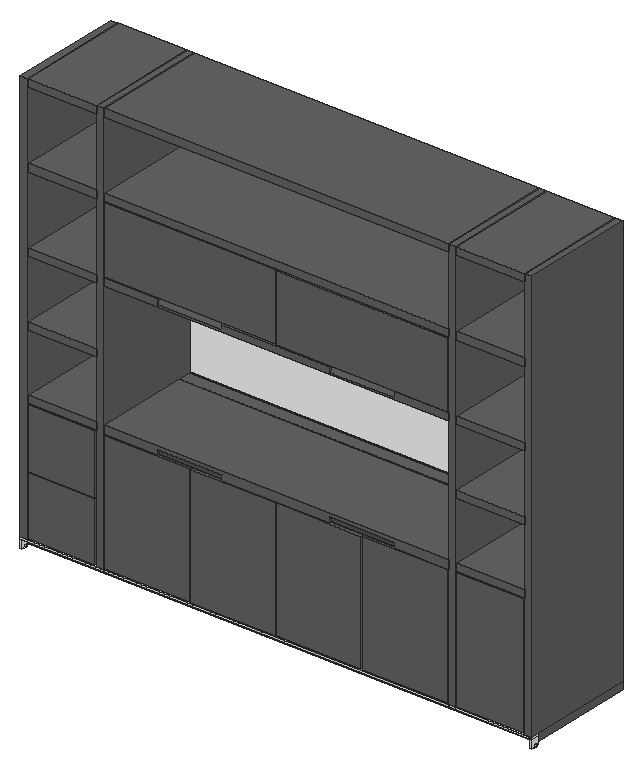
Revit family "Storage-Wall-Teknion-ZXDS_90_High_Without_Lights-R2011", category Furniture Systems, Revit 2013
Parameters (values of type "(See Type Catalog)")
  Working Wall Finish [instance] = Glass - Teknion - K6 - White Backpainted
  Width = 108 105/128"
  Warranty = "http://www.teknionstudio.com/pdfs/Teknion%20Studio%20Warranty.pdf"
  Wall Unit Finish [instance] = Veneer - Teknion - P7 - Grey Oak
  Unit Weight = 820.00 lbf
  URL = "www.teknionstudio.com"
  Left Tabletop Cutout Offset = if(Has Left Double Doors, 0", 4")  # 0"
  Right Tabletop Cutout Offset = if(Has Right Double Doors, 0", 5")  # 0"
  Right Storage Tower = Storage-Unit-Teknion-Tower : Upper Shelves & Lower Door
  Left Storage Tower = Storage-Unit-Teknion-Tower : Upper Shelves & File/File Pedestal
  Series = "B&B Italia"
  Product Page URL = "http://www.teknionstudio.com/acexecutive/"
  Product Line = "AC Executive"
  Product Documentation Link = "http://www.teknionstudio.com/pricing/ac_executive_storage_walls_ppg.pdf"
  Part Number = "ZXDS"
  Model = ""
  Manufacturer Phone = "919-464-2920"
  Manufacturer Fax = "919-464-2927"
  Manufacturer Email = "customersupport@teknionstudio.com"
  Manufacturer Address = "3940 US 70 Business HWY West, Clayton, NC 27520"
  Manufacturer = "Teknion Studio"  # constant formula
  Low Emitting Material = yes
  Low Emitting Finish = yes
  Height = 89 123/128"
  Has Right File File Drawers = not(Has Right Double Doors)  # no
  Has Right Double Doors = yes
  Has Left File File Drawers = not(Has Left Double Doors)  # no
  Has Left Double Doors = yes
  Description = ""
  Depth = 24"
  Assembly Code = "E2020200"
Reference planes (in)
  plane 1 "Center F/B": y = 0
  plane 2: z = 0
  plane 3 "Back": y = 12
  plane 4 "Front": y = -12
  plane 5 "Top Wall Cabinets": z = 73.81527
  plane 6: x = 28.60504
  plane 7: z = 29.68402
  plane 8: z = 56.1289
  plane 9: x = -44.78207
  plane 10: z = 2.1289
  plane 11 "Center L/R": x = -8.08858
  plane 12 "Foot Centerline": y = -11.2126
  plane 13 "Tabletop Cutout": y = -12
  plane 14 "Foot Centerline Front": y = -10.22835
  plane 15 "Foot Centerline Back": y = 10.22835
  plane 16: y = -8.484
  plane 17 "Left": x = -62.49874
  plane 18 "Right": x = 46.32157
  plane 19: y = -12
  plane 20 "Top": z = 89.96094
Forms (in)
  Sweep 1, solid, material "Metal - Teknion - C6 - Chrome"
    path origin (0, 0, 0) x (1, 0, 0) y (0, 0, 1)
      loop
        line (-44.78207, 2.1289) -> (28.60504, 2.1289)
    profile origin (-8.08852, 0, 2.1289) x (0, 0, 1) y (0, -1, 0)
      loop
        line (0, 12) -> (-0.394, 12) -> (-0.394, 10.4252) -> (0, 10.4252) -> (0, 12)
  Sweep 2, solid, material "Metal - Teknion - C6 - Chrome"
    path origin (0, 0, 0) x (1, 0, 0) y (0, 0, 1)
      loop
        line (-44.78207, 2.1289) -> (28.60504, 2.1289)
    profile origin (-8.08852, 0, 2.1289) x (0, 0, 1) y (0, -1, 0)
      loop
        line (-0.394, 10.6222) -> (-1.5748, 10.6222) -> (-1.5748, 10.4252) -> (-0.394, 10.4252) -> (-0.394, 10.6222)
  Sweep 3, solid, material "Veneer - Teknion - P7 - Grey Oak" <- "Wall Unit Finish"
    path origin (0, 0, 0) x (1, 0, 0) y (0, 0, 1)
      loop
        line (-44.78207, 29.68402) -> (28.60504, 29.68402)
    profile origin (-8.08852, 0, 29.68402) x (0, 0, 1) y (0, -1, 0)
      loop
        line (0, 12) -> (-1.7638, 12) -> (-1.7638, -7.11393) -> (-5.30827, -7.11393) -> (-5.30827, -11.25) -> (-29.0945, -11.25) -> (-29.0945, -12) -> (44.13126, -12) -> (44.13126, 12) -> (42.59156, 12) -> (42.59156, 11.2126) -> (27.98392, 11.2126) -> (27.98392, 12) -> (26.44488, 12) -> (26.44488, -10.94094) -> (0, -10.94094) -> (0, -10.90969) -> (-0.72441, -10.90969) -> (-0.72441, -10.56693) -> (0, -10.56693) -> (0, -8.05709) -> (-0.72441, -8.05709) -> (-0.72441, -7.80709) -> (0, -7.80709) -> (0, 12)
      loop
        line (60.27692, -12) -> (60.27692, 12) -> (58.73755, 12) -> (58.73755, -12) -> (60.27692, -12)
  Sweep 4, solid, material "Veneer - Teknion - P7 - Grey Oak" <- "Wall Unit Finish"
    path origin (0, 0, 0) x (1, 0, 0) y (0, 0, 1)
      loop
        line (-44.78207, 29.68402) -> (28.60504, 29.68402)
    profile origin (-8.08852, 0, 29.68402) x (0, 0, 1) y (0, -1, 0)
      loop
        line (-1.7638, 11.27559) -> (-27.55512, 11.27559) -> (-27.55512, 10.4252) -> (-29.0945, 10.4252) -> (-29.0945, -11.25) -> (-1.7638, -11.25) -> (-1.7638, 11.27559)
  Sweep 5, solid, material "Veneer - Teknion - P7 - Grey Oak" <- "Wall Unit Finish"
    path origin (0, 0, 15.40683) x (-1, 0, 0) y (0, -1, 0)
      loop
        line (16.17717, 12) -> (16.17717, 11.276)
    profile origin (-16.17717, -11.638, 15.40683) x (-1, 0, 0) y (0, 0, 1)
      loop
        line (28.35376, 42.51244) -> (28.35376, 56.61874) -> (-7.96416, 56.61874) -> (-7.96416, 42.51244) -> (28.35376, 42.51244)
      loop
        line (-8.21416, 56.61874) -> (-44.5322, 56.61874) -> (-44.5322, 42.51244) -> (-8.21416, 42.51244) -> (-8.21416, 56.61874)
  Sweep 6, solid, material "Veneer - Teknion - P7 - Grey Oak" <- "Wall Unit Finish", visible <- "Has Right Double Doors"
    path origin (0, 0, 15.40683) x (-1, 0, 0) y (0, -1, 0)
      loop
        line (16.17717, 12) -> (16.17717, 11.276)
    profile origin (-16.17717, -11.638, 15.40683) x (-1, 0, 0) y (0, 0, 1)
      loop
        line (-44.5322, 12.26339) -> (-44.5322, -13.03482) -> (-26.41531, -13.03482) -> (-26.41531, 12.26339) -> (-44.5322, 12.26339)
      loop
        line (-26.16531, 12.26339) -> (-26.16531, -13.03482) -> (-8.21358, -13.03482) -> (-8.21358, 12.26339) -> (-26.16531, 12.26339)
  Sweep 7, solid, material "Veneer - Teknion - P7 - Grey Oak" <- "Wall Unit Finish", visible <- "Has Right File File Drawers"
    path origin (0, 0, 15.40683) x (-1, 0, 0) y (0, -1, 0)
      loop
        line (16.17717, 12) -> (16.17717, 11.276)
    profile origin (-16.17717, -11.638, 15.40683) x (-1, 0, 0) y (0, 0, 1)
      loop
        line (-44.5315, 12.26339) -> (-44.5315, 0.01144) -> (-8.21358, 0.01144) -> (-8.21358, 12.26339) -> (-44.5315, 12.26339)
      loop
        line (-8.21358, -0.77597) -> (-44.5315, -0.77597) -> (-44.5315, -13.03482) -> (-8.21358, -13.03482) -> (-8.21358, -0.77597)
  Sweep 8, void
    path origin (0, 0, 0) x (1, 0, 0) y (0, 0, 1)
      loop
        line (3.34896, 29.68402) -> (17.12848, 29.68402)
    profile origin (10.23872, 0, 29.68402) x (0, 0, 1) y (0, -1, 0)
      loop
        line (-1.7638, 12) -> (-1.7638, 11.52756) -> (-0.66143, 12) -> (-1.7638, 12)
  Sweep 9, void
    path origin (0, 0, 0) x (1, 0, 0) y (0, 0, 1)
      loop
        line (-33.3248, 56.1289) -> (-19.54528, 56.1289)
    profile origin (-26.43504, 0, 56.1289) x (0, 0, 1) y (0, -1, 0)
      loop
        line (1.53937, 12) -> (0.43699, 12) -> (1.53937, 11.52755) -> (1.53937, 12)
  Sweep 10, void
    path origin (0, 0, 0) x (1, 0, 0) y (0, 0, 1)
      loop
        line (3.36811, 56.1289) -> (17.14764, 56.1289)
    profile origin (10.25787, 0, 56.1289) x (0, 0, 1) y (0, -1, 0)
      loop
        line (1.53937, 11.52755) -> (1.53937, 12) -> (0.43699, 12) -> (1.53937, 11.52755)
  Sweep 11, void
    path origin (0, 0, 0) x (1, 0, 0) y (0, 1, 0)
      loop
        line (-8.08858, 12) -> (-8.08858, 11.25)
    profile origin (-8.08858, 11.625, 0) x (1, 0, 0) y (0, 0, 1)
      loop
        line (32.75666, 25.86173) -> (32.75666, 26.43423)
        arc (32.75666, 26.43423) -> (32.58092, 26.8585) -> (32.15666, 27.03423) r 0.6
        line (32.15666, 27.03423) -> (30.40353, 27.03423)
        arc (30.40353, 27.03423) -> (29.97927, 26.8585) -> (29.80353, 26.43423) r 0.6
        line (29.80353, 26.43423) -> (29.80353, 25.86173)
        arc (29.80353, 25.86173) -> (29.97927, 25.43747) -> (30.40353, 25.26173) r 0.6
        line (30.40353, 25.26173) -> (32.15666, 25.26173)
        arc (32.15666, 25.26173) -> (32.58092, 25.43747) -> (32.75666, 25.86173) r 0.6
      loop
        line (32.75666, 4.2289) -> (32.75666, 4.8014)
        arc (32.75666, 4.8014) -> (32.58092, 5.22566) -> (32.15666, 5.4014) r 0.6
        line (32.15666, 5.4014) -> (30.40353, 5.4014)
        arc (30.40353, 5.4014) -> (29.97927, 5.22566) -> (29.80353, 4.8014) r 0.6
        line (29.80353, 4.8014) -> (29.80353, 4.2289)
        arc (29.80353, 4.2289) -> (29.97927, 3.80464) -> (30.40353, 3.6289) r 0.6
        line (30.40353, 3.6289) -> (32.15666, 3.6289)
        arc (32.15666, 3.6289) -> (32.58092, 3.80464) -> (32.75666, 4.2289) r 0.6
      loop
        arc (-32.75666, 25.86173) -> (-32.58092, 25.43747) -> (-32.15666, 25.26173) r 0.6
        line (-32.15666, 25.26173) -> (-30.40353, 25.26173)
        arc (-30.40353, 25.26173) -> (-29.97927, 25.43747) -> (-29.80353, 25.86173) r 0.6
        line (-29.80353, 25.86173) -> (-29.80353, 26.43423)
        arc (-29.80353, 26.43423) -> (-29.97927, 26.8585) -> (-30.40353, 27.03423) r 0.6
        line (-30.40353, 27.03423) -> (-32.15666, 27.03423)
        arc (-32.15666, 27.03423) -> (-32.58092, 26.8585) -> (-32.75666, 26.43423) r 0.6
        line (-32.75666, 26.43423) -> (-32.75666, 25.86173)
      loop
        arc (-32.75666, 4.2289) -> (-32.58092, 3.80464) -> (-32.15666, 3.6289) r 0.6
        line (-32.15666, 3.6289) -> (-30.40353, 3.6289)
        arc (-30.40353, 3.6289) -> (-29.97927, 3.80464) -> (-29.80353, 4.2289) r 0.6
        line (-29.80353, 4.2289) -> (-29.80353, 4.8014)
        arc (-29.80353, 4.8014) -> (-29.97927, 5.22566) -> (-30.40353, 5.4014) r 0.6
        line (-30.40353, 5.4014) -> (-32.15666, 5.4014)
        arc (-32.15666, 5.4014) -> (-32.58092, 5.22566) -> (-32.75666, 4.8014) r 0.6
        line (-32.75666, 4.8014) -> (-32.75666, 4.2289)
  Sweep 12, solid, material "Veneer - Teknion - P7 - Grey Oak" <- "Wall Unit Finish", visible <- "Has Left File File Drawers"
    path origin (-36.67323, 0, 15.40683) x (-1, 0, 0) y (0, -1, 0)
      loop
        line (-28.58465, 12) -> (-28.58465, 11.276)
    profile origin (-8.08858, -11.638, 15.40683) x (-1, 0, 0) y (0, 0, 1)
      loop
        line (36.44291, 12.26339) -> (0.125, 12.26339) -> (0.125, 0.01144) -> (36.44291, 0.01144) -> (36.44291, 12.26339)
      loop
        line (0.125, -0.77597) -> (0.125, -13.03482) -> (36.44291, -13.03482) -> (36.44291, -0.77597) -> (0.125, -0.77597)
  Sweep 13, solid, material "Veneer - Teknion - P7 - Grey Oak" <- "Wall Unit Finish", visible <- "Has Left Double Doors"
    path origin (-36.6535, 0, 15.40683) x (-1, 0, 0) y (0, -1, 0)
      loop
        line (-28.56492, 12) -> (-28.56492, 11.276)
    profile origin (-8.08858, -11.638, 15.40683) x (-1, 0, 0) y (0, 0, 1)
      loop
        line (0.125, 12.26339) -> (0.125, -13.03482) -> (18.15924, -13.03482) -> (18.15924, 12.26339) -> (0.125, 12.26339)
      loop
        line (18.40924, 12.26339) -> (18.40924, -13.03482) -> (36.44349, -13.03482) -> (36.44349, 12.26339) -> (18.40924, 12.26339)
  Sweep 14, void
    path origin (-35.79532, 0, 0) x (1, 0, 0) y (0, 0, 1)
      loop
        line (2.47023, 29.68402) -> (16.24976, 29.68402)
    profile origin (-26.43533, 0, 29.68402) x (0, 0, 1) y (0, -1, 0)
      loop
        line (-1.7638, 12) -> (-1.7638, 11.52756) -> (-0.66143, 12) -> (-1.7638, 12)
Cuts and joins
  joined: Sweep 1, Sweep 2
  Sweep 8, Sweep 9, Sweep 10, Sweep 11, Sweep 14 cuts Sweep 3
Lines and regions (in)
  Masking region 1
    outline origin (0, 0, 15.40683) x (-1, 0, 0) y (0, -1, 0)
      loop
        line (44.78207, -12) -> (44.78207, 12) -> (-28.60504, 12) -> (-28.60504, -12) -> (44.78207, -12)
  symbolic lines, style "Elevation Swing"
    curve 1: line (-44.78207, -12, 57.66827) -> (-26.43533, -12, 72.02557)
    curve 2: line (-8.08858, -12, 57.66832) -> (-26.43533, -12, 72.02557)
    curve 3: line (-8.08858, 0, 57.66832) -> (10.25823, 0, 72.02557)
    curve 4: line (10.25823, 0, 72.02557) -> (28.60504, 0, 57.66827)
  symbolic lines, style "Elevation Swing", visible <- "Has Right Double Doors"
    curve 5: line (9.98815, 0, 27.67022) -> (-7.96358, 0, 15.02111)
    curve 6: line (-7.96358, 0, 15.02111) -> (9.98815, 0, 2.37201)
    curve 7: line (10.23815, 0, 2.37201) -> (28.3549, 0, 15.02456)
    curve 8: line (28.3549, 0, 15.02456) -> (10.23815, 0, 27.67022)
  symbolic lines, detail levels medium+fine
    curve 9: line (-8.08852, 12, 15.40683) -> (-8.08852, -12, 15.40683)
  symbolic lines, style "FurnitureSystemsHiddenLines", detail levels fine
    curve 10: line (28.6049, -11.276, 15.40683) -> (-44.78207, -11.276, 15.40683)
    curve 15: line (28.6049, 12, 15.40683) -> (28.6049, -12, 15.40683)
  symbolic lines, visible <- "Has Right Double Doors"
    curve 11: arc (10.25826, -12, 15.40683) -> (15.63187, -24.97304, 15.40683) -> (28.6049, -30.34664, 15.40683) r 18.34664
    curve 12: line (-8.08852, -12, 15.40683) -> (-8.08852, -30.34678, 15.40683)
    curve 13: line (28.6049, -12, 15.40683) -> (28.6049, -30.34664, 15.40683)
    curve 14: arc (-8.08852, -30.34678, 15.40683) -> (4.88461, -24.97313, 15.40683) -> (10.25826, -12, 15.40683) r 18.34678
  symbolic lines, style "Elevation Swing", visible <- "Has Left Double Doors"
    curve 16: line (-26.24783, 0, 2.37201) -> (-8.21358, 0, 15.02111)
    curve 17: line (-8.21358, 0, 15.02111) -> (-26.24783, 0, 27.67022)
    curve 18: line (-26.49783, 0, 27.67022) -> (-44.53207, 0, 15.02111)
    curve 19: line (-44.53207, 0, 15.02111) -> (-26.49783, 0, 2.37201)
  symbolic lines, visible <- "Has Left Double Doors"
    curve 20: arc (-26.43529, -12, 15.40683) -> (-31.80894, -24.97313, 15.40683) -> (-44.78207, -30.34678, 15.40683) r 18.34678
    curve 21: line (-8.08852, -12, 15.40683) -> (-8.08852, -30.34678, 15.40683)
    curve 22: line (-44.78207, -12, 15.40683) -> (-44.78207, -30.34678, 15.40683)
    curve 23: arc (-8.08852, -30.34678, 15.40683) -> (-21.06165, -24.97313, 15.40683) -> (-26.43529, -12, 15.40683) r 18.34678
Dimensions and locks (in)
  equal spacing: plane 3 "Back", plane 1 "Center F/B", plane 4 "Front"
  "Depth": plane 3 "Back" to plane 4 "Front"
  locked: plane 7 to plane 2 at 29.68402
  locked: plane 8 to plane 7 at 26.44488
  locked: plane 10 to plane 2 at 2.1289
  locked: plane 10 to Sweep 2 sketch curve at 0.394
  locked: Sweep 2 sketch curve to Sweep 2 sketch curve at 1.1808
  plane 4 "Front" to Sweep 2 sketch curve to Sweep 2 sketch curve = 1.3778" locked, 0.197" locked
  locked: plane 4 "Front" to plane 12 "Foot Centerline" at 0.7874
  locked: plane 10 to Sweep 3 sketch curve at 1.53939
  locked: plane 7 to Sweep 3 sketch curve at 1.7638
  Sweep 4 sketch curve to Sweep 4 sketch curve to plane 3 "Back" = 22.52559" locked, 3/4" locked
  locked: plane 7 to Sweep 4 sketch curve at 1.7638
  locked: plane 4 "Front" to Sweep 4 sketch curve at 1.5748
  locked: plane 4 "Front" to Sweep 5 sketch curve at 0.724
  plane 5 "Top Wall Cabinets" to Sweep 5 sketch curve to Sweep 5 sketch curve = 1.7897" locked, 14.1063" locked  (x2)
  Sweep 5 sketch curve to Sweep 5 sketch curve to Sweep 5 sketch curve to Sweep 5 sketch curve = 36.31805", 1/4", 36.31791"
  locked: plane 4 "Front" to Sweep 6 sketch curve at 0.724
  locked: plane 4 "Front" to Sweep 7 sketch curve at 0.724
  locked: Sweep 8 sketch curve to Sweep 8 sketch curve at 13.77953
  locked: plane 7 to Sweep 8 sketch curve at 1.7638
  locked: plane 13 "Tabletop Cutout" to Sweep 8 sketch curve at 0.47244
  locked: Sweep 9 sketch curve to Sweep 9 sketch curve at 13.77953
  locked: Sweep 9 sketch curve to plane 8 at 1.53937
  locked: Sweep 9 sketch curve to plane 8 at 0.43699
  locked: plane 4 "Front" to Sweep 9 sketch curve at 0.47245
  Sweep 10 sketch curve to Sweep 10 sketch curve to plane 8 = 1.10238" locked, 0.43699" locked
  locked: plane 4 "Front" to Sweep 10 sketch curve at 0.47245
  equal spacing: plane 11 "Center L/R", curve 2, plane 9
  equal spacing: plane 6, curve 4, plane 11 "Center L/R"
  locked: plane 4 "Front" to curve 10 at 0.724
  locked: plane 3 "Back" to plane 15 "Foot Centerline Back" at 1.77165
  locked: plane 4 "Front" to plane 14 "Foot Centerline Front" at 1.77165
  locked: plane 4 "Front" to plane 16 at 3.516
  locked: plane 17 "Left" to plane 9 at 17.71667
  locked: Sweep 6 sketch curve to Sweep 6 sketch curve at 25.29821  (x2)
  Sweep 7 sketch curve to Sweep 7 sketch curve to Sweep 7 sketch curve to Sweep 7 sketch curve = 12.25195" locked, 0.7874" locked, 12.25886" locked
  equal spacing: curve 12, curve 14, plane 6
  locked: plane 6 to Sweep 8 sketch curve at 11.47655
  locked: plane 11 "Center L/R" to Sweep 9 sketch curve at 11.45669
  Sweep 10 sketch curve to Sweep 10 sketch curve to plane 11 "Center L/R" = 13.77953" locked, 11.45669" locked
  locked: plane 11 "Center L/R" to Sweep 7 sketch curve at 0.125
  locked: Sweep 7 sketch curve to plane 11 "Center L/R" at 0.125
  locked: plane 7 to Sweep 7 sketch curve at 2.0138
  locked: Sweep 6 sketch curve to plane 11 "Center L/R" at 0.125
  locked: plane 7 to Sweep 6 sketch curve at 2.0138  (x2)
  locked: Sweep 5 sketch curve to plane 6 at 0.25
  locked: plane 6 to plane 18 "Right" at 17.71654
  "Width": plane 17 "Left" to plane 18 "Right"
  equal spacing: plane 17 "Left", plane 11 "Center L/R", plane 18 "Right"
  locked: Sweep 13 sketch curve to Sweep 13 sketch curve at 25.29821  (x2)
  locked: plane 4 "Front" to Sweep 13 sketch curve at 0.724
  locked: plane 11 "Center L/R" to Sweep 13 sketch curve at 0.125
  locked: plane 9 to Sweep 13 sketch curve at 0.25
  Sweep 13 sketch curve to Sweep 13 sketch curve = 18.03424"  (x2)
  locked: Sweep 13 sketch curve to Sweep 13 sketch curve at 0.25
  locked: Sweep 13 sketch curve to plane 10 at 0.24311  (x2)
  locked: plane 4 "Front" to Sweep 12 sketch curve at 0.724
  locked: Sweep 12 sketch curve to plane 10 at 0.24311
  Sweep 12 sketch curve to Sweep 12 sketch curve to Sweep 12 sketch curve to Sweep 12 sketch curve = 12.25195" locked, 0.7874" locked, 12.25886" locked
  locked: Sweep 12 sketch curve to plane 9 at 0.25057
  locked: plane 9 to Sweep 12 sketch curve at 0.25057
  locked: plane 11 "Center L/R" to Sweep 12 sketch curve at 0.125  (x2)
  locked: Sweep 7 sketch curve to plane 6 at 0.25071
  locked: plane 6 to Sweep 7 sketch curve at 0.25071
  plane 6 to Sweep 6 sketch curve = 1/4"
  locked: Sweep 6 sketch curve to Sweep 6 sketch curve at 0.25
  locked: Sweep 14 sketch curve to Sweep 14 sketch curve at 13.77953
  locked: plane 11 "Center L/R" to Sweep 14 sketch curve at 11.45698
  "Right Tabletop Cutout Offset": plane 13 "Tabletop Cutout" to plane 4 "Front"
  "Left Tabletop Cutout Offset": plane 19 to plane 4 "Front"
  equal spacing: curve 22, curve 23, curve 12
  plane 7 to Sweep 14 sketch curve to Sweep 14 sketch curve = 0.66143" locked, 1.10236" locked
  locked: Sweep 14 sketch curve to plane 19 at 0.47244
  locked: plane 3 "Back" to Sweep 3 sketch curve at 0.75
  locked: plane 3 "Back" to Sweep 3 sketch curve at 4.88607
  locked: Sweep 3 sketch curve to plane 7 at 5.30827
  locked: plane 3 "Back" to Sweep 11 sketch curve at 0.75
  plane 6 to Sweep 11 sketch curve to Sweep 11 sketch curve = 3.93696" locked, 2 61/64" locked  (x2)
  Sweep 11 sketch curve to Sweep 11 sketch curve to plane 9 = 2 61/64" locked, 3.93683" locked  (x2)
  plane 7 to Sweep 11 sketch curve to Sweep 11 sketch curve = 2.64978" locked, 1.7725" locked
  Sweep 11 sketch curve to Sweep 11 sketch curve to plane 10 = 1.7725" locked, 1 1/2" locked  (x2)
  locked: plane 10 to Sweep 4 sketch curve at 1.53939
  "Height": plane 20 "Top" to plane 2
  locked: plane 20 "Top" to plane 5 "Top Wall Cabinets" at 16.14566
  locked: plane 20 "Top" to Sweep 3 sketch curve at 1.53937
  locked: plane 5 "Top Wall Cabinets" to Sweep 3 sketch curve at 1.5397
  aligned and locked: level to plane 2
  aligned and locked: Sweep 1 sketch curve to plane 10  (x2)
  aligned and locked: Sweep 1 sketch curve to plane 4 "Front"
  aligned and locked: Sweep 2 sketch curve to plane 10
  aligned and locked: plane 9 to Sweep 3 sketch curve
  aligned and locked: plane 6 to Sweep 3 sketch curve
  aligned and locked: Sweep 3 sketch curve to plane 7  (x4)
  aligned and locked: Sweep 3 sketch curve to plane 4 "Front"  (x2)
  aligned and locked: plane 3 "Back" to Sweep 3 sketch curve  (x2)
  aligned and locked: Sweep 4 sketch curve to plane 7
  aligned and locked: plane 10 to Sweep 4 sketch curve
  aligned and locked: plane 4 "Front" to Sweep 5 sketch curve
  aligned and locked: Sweep 3 sketch curve to plane 8
  aligned and locked: plane 4 "Front" to Sweep 6 sketch curve
  aligned and locked: plane 4 "Front" to Sweep 7 sketch curve
  aligned and locked: Sweep 8 sketch curve to plane 7
  aligned and locked: plane 13 "Tabletop Cutout" to Sweep 8 sketch curve
  aligned and locked: Sweep 9 sketch curve to plane 8
  aligned and locked: Sweep 10 sketch curve to plane 8
  aligned and locked: Sweep 10 sketch curve to plane 4 "Front"
  aligned and locked: plane 9 to curve 1
  aligned and locked: plane 11 "Center L/R" to curve 2
  aligned and locked: Sweep 5 to curve 2
  aligned and locked: plane 6 to curve 4
  aligned and locked: Masking region 1 sketch curve to plane 3 "Back"
  aligned and locked: Masking region 1 sketch curve to plane 4 "Front"
  aligned and locked: plane 3 "Back" to curve 9
  aligned and locked: plane 4 "Front" to curve 9
  aligned and locked: plane 3 "Back" to curve 15
  aligned and locked: plane 4 "Front" to curve 15
  aligned and locked: Sweep 3 sketch curve to plane 5 "Top Wall Cabinets"
  aligned and locked: plane 12 "Foot Centerline" to Sweep 3 sketch curve
  aligned and locked: plane 4 "Front" to Sweep 3 sketch curve  (x2)
  aligned and locked: plane 4 "Front" to curve 14
  aligned and locked: plane 9 to Masking region 1 sketch curve
  aligned and locked: plane 1 "Center F/B" to Sweep 4 sketch curve
  aligned: plane 11 "Center L/R" to Sweep 4 sketch curve
  aligned and locked: plane 6 to Sweep 4 sketch curve
  aligned and locked: nested 1 to plane 2
  aligned and locked: Sweep 6 to curve 7
  aligned and locked: curve 6 to Sweep 6
  aligned and locked: curve 8 to Sweep 6
  aligned and locked: Sweep 6 to curve 5
  aligned and locked: Sweep 6 to Sweep 6
  aligned and locked: Sweep 6 to curve 6  (x2)
  aligned and locked: curve 7 to Sweep 6
  aligned and locked: Sweep 6 to curve 8
  aligned and locked: plane 9 to nested 1
  aligned and locked: nested 1 to plane 1 "Center F/B"
  aligned and locked: Masking region 1 sketch curve to plane 6
  aligned and locked: plane 1 "Center F/B" to nested 2
  aligned and locked: nested 2 to plane 6
  aligned and locked: plane 2 to nested 2
  aligned and locked: plane 6 to Sweep 1 sketch curve
  aligned and locked: Sweep 13 to Sweep 13
  aligned and locked: plane 9 to Sweep 4 sketch curve
  aligned and locked: plane 4 "Front" to Sweep 13 sketch curve
  aligned and locked: plane 11 "Center L/R" to Sweep 13 sketch curve
  aligned and locked: plane 11 "Center L/R" to Sweep 12 sketch curve
  aligned and locked: plane 4 "Front" to Sweep 12 sketch curve
  aligned and locked: Sweep 13 to curve 19  (x2)
  aligned and locked: curve 16 to Sweep 13
  aligned and locked: curve 18 to Sweep 13
  aligned and locked: Sweep 14 sketch curve to plane 7
  aligned and locked: curve 22 to plane 9
  aligned and locked: curve 12 to curve 23
  aligned and locked: curve 22 to curve 22
  aligned and locked: Sweep 14 sketch curve to plane 19
  aligned and locked: plane 9 to Sweep 1 sketch curve
  aligned and locked: Sweep 11 sketch curve to plane 11 "Center L/R"
  aligned and locked: plane 3 "Back" to Sweep 11 sketch curve
  aligned and locked: Sweep 3 sketch curve to plane 20 "Top"
  aligned and locked: curve 5 to Sweep 6
  aligned and locked: Sweep 5 to curve 3
  aligned and locked: plane 9 to Sweep 2 sketch curve
  aligned and locked: plane 6 to Sweep 2 sketch curve
  aligned and locked: plane 9 to curve 10
Automatic sketch dimensions
  Sweep 4 sketch curve to plane 11 "Center L/R" = 36.69349"
  Sweep 4 sketch curve to plane 6 = 0"
  plane 8 to curve 2 = 1.53942"
  plane 8 to curve 1 = 1.53937"
  profile plane to Sweep 1 sketch curve = 0.394"
  Sweep 1 sketch curve to Sweep 1 sketch curve = 1.5748"
  Sweep 6 sketch curve to Sweep 6 sketch curve = 17.95173"
  Sweep 6 sketch curve to Sweep 6 sketch curve = 18.11689"
  profile plane to Sweep 8 sketch curve = 0.66143"
  Sweep 9 sketch curve to Sweep 9 sketch curve = 0.47245"
  Sweep 11 sketch curve to Sweep 11 sketch curve = 0"  (x6)
  Sweep 11 sketch curve to Sweep 11 sketch curve = 0.6"  (x6)
  Sweep 11 sketch curve to Sweep 11 sketch curve = 1.75312"
  Sweep 11 sketch curve to Sweep 11 sketch curve = 0.5725"  (x4)
  Sweep 11 sketch curve to Sweep 11 sketch curve = 19.86033"
  profile plane to Sweep 3 sketch curve = 0.72441"  (x2)
  Sweep 3 sketch curve to Sweep 3 sketch curve = 1.53904"
  Sweep 3 sketch curve to plane 1 "Center F/B" = 10.94094"
  Sweep 3 sketch curve to Sweep 3 sketch curve = 1/32"
  Sweep 3 sketch curve to Sweep 3 sketch curve = 0.34277"
  Sweep 3 sketch curve to Sweep 3 sketch curve = 0.94316"
  Sweep 3 sketch curve to Sweep 3 sketch curve = 1/4"
  curve 3 to plane 11 "Center L/R" = 0"
  curve 19 to curve 16 = 1/4"
  curve 17 to plane 7 = 2.0138"
  curve 18 to curve 17 = 1/4"
  curve 16 to plane 11 "Center L/R" = 1/8"
  curve 7 to plane 6 = 0.25013"
  plane 10 to curve 5 = 12.89222"
  curve 17 to curve 5 = 0"
  plane 10 to curve 18 = 12.89222"
  plane 10 to curve 8 = 12.89566"
  plane 8 to curve 4 = 1.53937"
  plane 8 to curve 3 = 1.53942"
  curve 14 to curve 23 = 0"
  plane 4 "Front" to curve 20 = 0"
  plane 4 "Front" to curve 22 = 0"
  curve 11 to curve 14 = 0"
  curve 15 to plane 6 = 0.00013"
  curve 20 to curve 23 = 0"
  plane 9 to curve 18 = 18.28424"
  plane 9 to curve 19 = 18.28424"
  Sweep 5 sketch curve to plane 11 "Center L/R" = 8.08858"
  Sweep 6 sketch curve to plane 11 "Center L/R" = 8.08858"
  Sweep 7 sketch curve to plane 11 "Center L/R" = 8.08858"
Nested families (in)
  nested 1: "Storage-Unit-Teknion-Tower" at (-53.64034, 0, 0) x (-1, 0, 0) z (0, 0, 1), type <- "Left Storage Tower", Height <- "Height", type "Upper Shelves & File/File Pedestal"
    with Height 89 123/128", Has Top Shelf yes, Has Right Leg yes, Has Left Leg no, Bottom Drawer Height 13.047"
  nested 2: "Storage-Unit-Teknion-Tower" at (37.46331, 0, 0), type <- "Right Storage Tower", Height <- "Height", type "Upper Shelves & Lower Door"
    with Height 89 123/128", Has Top Shelf yes, Has Right Leg yes, Has Left Leg no, Bottom Drawer Height 26.016"
Definition of nested family "Storage-Unit-Teknion-Tower"
  Parameters (values of type "Upper Wardrobe & Lower Door")
    Width = 17.71654"
    Warranty = "http://www.teknionstudio.com/pdfs/Teknion%20Studio%20Warranty.pdf"
    Wall Unit Finish = Veneer - Teknion - P8 - Light Brushed Oak
    URL = "www.teknionstudio.com"
    Series = "B&B Italia"  # constant formula
    Product Line = "AC Executive"  # constant formula
    Model = ""
    Middle Drawer Height = if(Has Top Drawer, 6.425", 12.719")  # 12.719"
    Manufacturer Phone = "919-464-2920"
    Manufacturer Fax = "919-464-2927"
    Manufacturer Email = "customersupport@teknionstudio.com"
    Manufacturer Address = "3940 US 70 Business HWY West, Clayton, NC 27520"
    Manufacturer = "Teknion Studio"  # constant formula
    Height [instance] = 73.81394"
    Has Top Shelf [instance] = and(Height > 75", Has Shelves)  # no
    Has Top Drawer = no
    Has Top Door = yes
    Has Shelves = no
    Has Right Leg [instance] = yes
    Has Middle Drawer = no
    Has Lower Shelf = yes
    Has Left Leg [instance] = no
    Has Full Wardrobe Door = no
    Has Doors = yes
    Door Projection Symbol = yes
    Description = "Tower Storage Unit"
    Depth = 24"
    Bottom Drawer Height [instance] = if(Has Middle Drawer, 13.047", if(Has Top Drawer, 13.047", if(Has Full Wardrobe Door, (Height - 3.668"), 26.016")))  # 26.016"
    Assembly Code = "E2010200"
  Types (7): name | Middle Drawer Height | Has Top Drawer | Has Top Door | Has Shelves | Has Middle Drawer | Has Lower Shelf | Has Full Wardrobe Door | Has Doors | Door Projection Symbol | Bottom Drawer Height
    Upper Shelves & Lower Door | 12.719" | no | no | yes | no | yes | no | yes | yes | 26.016"
    Upper Shelves & File/File Pedestal | 12.719" | no | no | yes | yes | yes | no | no | no | 13.047"
    Upper Shelves & Box/Box/File Pedestal | 6.425" | yes | no | yes | yes | yes | yes | no | no | 13.047"
    Full Wardrobe | 12.719" | no | no | no | no | no | yes | yes | yes | 70.14594"
    Upper Wardrobe & Lower Door | 12.719" | no | yes | no | no | yes | no | yes | yes | 26.016"
    Upper Wardrobe & File/File Pedestal | 12.719" | no | yes | no | yes | yes | no | no | yes | 13.047"
    Upper Wardrobe & Box/Box/File Pedestal | 6.425" | yes | yes | no | yes | yes | no | no | yes | 13.047"
  Reference planes (in)
    plane 1 "Center F/B": y = 0
    plane 2: z = 0
    plane 3 "Center L/R": x = 0
    plane 4 "Left": x = -8.85827
    plane 5 "Right": x = 8.85827
    plane 6 "Back": y = 12
    plane 7 "Front": y = -12
    plane 8 "Top": z = 73.81394
    plane 9: x = -7.3189
    plane 10: x = 7.3189
    plane 11: z = 2.1289
    plane 12 "Foot Centerline": y = -11.2126
    plane 13: z = 29.68402
    plane 14 "Drawer 1 Top": z = 28.1449
    plane 15 "Drawer 2 Top": z = 40.8639
    plane 16 "Drawer 3 Top": z = 27.89502
    plane 17: z = 42.13677
  Forms (in)
    Sweep 1, solid, material "Metal - Teknion - C6 - Chrome", visible <- "Has Left Leg"
      path origin (0, -12, 0) x (1, 0, 0) y (0, 0, 1)
        loop
          line (-8.85827, 1.7349) -> (-8.85827, 0.05803)
      profile origin (-8.85827, -12, 0.89646) x (0, -1, 0) y (1, 0, 0)
        loop
          line (-1.5748, 0) -> (0, 0) -> (0, 0.394) -> (-1.5748, 0.394) -> (-1.5748, 0)
    Sweep 2, solid, material "Metal - Teknion - C6 - Chrome"
      path origin (0, -12, 0) x (1, 0, 0) y (0, 0, 1)
        loop
          line (-8.85827, 2.1289) -> (8.46427, 2.1289)
      profile origin (-0.197, -12, 2.1289) x (0, 0, 1) y (0, -1, 0)
        loop
          line (-0.394, -1.5748) -> (-0.394, -1.3778) -> (-1.575, -1.3778) -> (-1.575, -1.5748) -> (-0.394, -1.5748)
    Revolve 3, solid, material "Metal - Teknion - C6 - Chrome"
      sketch origin (0, -11.2126, 0) x (0, 0, -1) y (1, 0, 0)
        loop
          line (-0.4911, 8.32677) -> (-0.45173, 8.2874) -> (-0.28492, 8.2874) -> (-0.24555, 8.32677) -> (-0.20618, 8.2874) -> (-0.03937, 8.2874) -> (0, 8.32677) -> (0, 8.66142) -> (-0.4911, 8.66142) -> (-0.4911, 8.32677)
        axis (0, 8.66142) -> (-0.4911, 8.66142)
      angle from 0 to 360
    Revolve 4, solid, material "Metal - Teknion - C6 - Chrome", visible <- "Has Left Leg"
      sketch origin (0, -11.2126, 0) x (0, 0, -1) y (1, 0, 0)
        loop
          line (0, -8.99606) -> (0, -8.66142) -> (-0.4911, -8.66142) -> (-0.4911, -8.99606) -> (-0.45173, -9.03543) -> (-0.28492, -9.03543) -> (-0.24555, -8.99606) -> (-0.20618, -9.03543) -> (-0.03937, -9.03543) -> (0, -8.99606)
        axis (0, -8.66142) -> (-0.4911, -8.66142)
      angle from 0 to 360
    Sweep 5, solid, material "Veneer - Teknion - P8 - Light Brushed Oak" <- "Wall Unit Finish"
      path origin (0, 0, 0) x (1, 0, 0) y (0, 0, 1)
        loop
          line (0, 2.1289) -> (0, 73.81394)
      profile origin (0, 0, 37.97142) x (-1, 0, 0) y (0, -1, 0)
        loop
          line (8.85827, -12) -> (8.85827, 12) -> (7.3189, 12) -> (7.3189, -12) -> (8.85827, -12)
        loop
          line (-7.3189, 12) -> (-8.85827, 12) -> (-8.85827, -12) -> (-7.3189, -12) -> (-7.3189, 12)
    Sweep 6, solid, material "Veneer - Teknion - P8 - Light Brushed Oak" <- "Wall Unit Finish"
      path origin (0, 0, 15.40683) x (-1, 0, 0) y (0, -1, 0)
        loop
          line (0, -12) -> (0, 12)
      profile origin (0, 0, 15.40683) x (1, 0, 0) y (0, 0, 1)
        loop
          line (-7.3189, 58.4071) -> (-7.3189, 56.86773) -> (7.3189, 56.86773) -> (7.3189, 58.4071) -> (-7.3189, 58.4071)
    Sweep 7, solid, material "Veneer - Teknion - P8 - Light Brushed Oak" <- "Wall Unit Finish"
      path origin (0, -12, 0) x (1, 0, 0) y (0, 0, 1)
        loop
          line (0, 2.1289) -> (0, 72.27457)
      profile origin (0, -12, 37.20173) x (-1, 0, 0) y (0, -1, 0)
        loop
          line (7.3189, -24) -> (7.3189, -23.25) -> (-7.3189, -23.25) -> (-7.3189, -24) -> (7.3189, -24)
    Sweep 8, solid, material "Veneer - Teknion - P8 - Light Brushed Oak" <- "Wall Unit Finish", visible <- "Has Lower Shelf"
      path origin (0, -12, 0) x (1, 0, 0) y (0, 0, 1)
        loop
          line (-7.3189, 29.68402) -> (7.3189, 29.68402)
      profile origin (0, -12, 29.68402) x (0, 0, 1) y (0, -1, 0)
        loop
          line (0, 0) -> (-1.539, 0) -> (-1.539, -0.724) -> (-27.55512, -0.724) -> (-27.55512, -23.25) -> (0, -23.25) -> (0, 0)
    Sweep 9, solid, material "Veneer - Teknion - P8 - Light Brushed Oak" <- "Wall Unit Finish"
      path origin (0, -12, 0) x (1, 0, 0) y (0, 0, 1)
        loop
          line (0, 2.3789) -> (0, 27.8949)
      profile origin (0, -12, 15.1369) x (-1, 0, 0) y (0, -1, 0)
        loop
          line (7.0689, -0.724) -> (7.0689, 0) -> (-7.0689, 0) -> (-7.0689, -0.724) -> (7.0689, -0.724)
    Sweep 10, solid, material "Veneer - Teknion - P8 - Light Brushed Oak" <- "Wall Unit Finish", visible <- "Has Middle Drawer"
      path origin (0, -12, 0) x (1, 0, 0) y (0, 0, 1)
        loop
          line (0, 28.1449) -> (0, 40.8639)
      profile origin (0, -12, 34.5044) x (-1, 0, 0) y (0, -1, 0)
        loop
          line (7.0689, -0.724) -> (7.0689, 0) -> (-7.0689, 0) -> (-7.0689, -0.724) -> (7.0689, -0.724)
    Sweep 11, solid, material "Veneer - Teknion - P8 - Light Brushed Oak" <- "Wall Unit Finish", visible <- "Has Top Drawer"
      path origin (0, -12, 0) x (1, 0, 0) y (0, 0, 1)
        loop
          line (0, 47.15802) -> (0, 41.1139)
      profile origin (0, -12, 44.13596) x (0, -1, 0) y (1, 0, 0)
        loop
          line (0, 7.0689) -> (-0.724, 7.0689) -> (-0.724, -7.0689) -> (0, -7.0689) -> (0, 7.0689)
    Sweep 12, solid, material "Veneer - Teknion - P8 - Light Brushed Oak" <- "Wall Unit Finish", visible <- "Has Shelves"
      path origin (0, -12, 0) x (1, 0, 0) y (0, 0, 1)
        loop
          line (0, 42.13677) -> (0, 43.67614)
      profile origin (0, -12, 42.90646) x (-1, 0, 0) y (0, -1, 0)
        loop
          line (7.3189, -23.25) -> (7.3189, 0) -> (-7.3189, 0) -> (-7.3189, -23.25) -> (7.3189, -23.25)
    Sweep 13, solid, material "Veneer - Teknion - P8 - Light Brushed Oak" <- "Wall Unit Finish", visible <- "Has Shelves"
      path origin (0, -12, 13.9918) x (1, 0, 0) y (0, 0, 1)
        loop
          line (0, 42.13677) -> (0, 43.67614)
      profile origin (0, -12, 56.89825) x (-1, 0, 0) y (0, -1, 0)
        loop
          line (7.3189, -23.25) -> (7.3189, 0) -> (-7.3189, 0) -> (-7.3189, -23.25) -> (7.3189, -23.25)
    Sweep 14, solid, material "Veneer - Teknion - P8 - Light Brushed Oak" <- "Wall Unit Finish", visible <- "Has Top Door"
      path origin (0, -12, 0) x (1, 0, 0) y (0, 0, 1)
        loop
          line (0, 29.93402) -> (0, 72.02457)
      profile origin (0, -12, 50.97929) x (-1, 0, 0) y (0, -1, 0)
        loop
          line (7.0689, -0.724) -> (7.0689, 0) -> (-7.0689, 0) -> (-7.0689, -0.724) -> (7.0689, -0.724)
    Sweep 15, solid, material "Veneer - Teknion - P8 - Light Brushed Oak" <- "Wall Unit Finish"
      path origin (0, -12, 0) x (1, 0, 0) y (0, 0, 1)
        loop
          line (-8.85827, 2.1289) -> (8.85827, 2.1289)
      profile origin (0, -12, 2.1289) x (0, 0, 1) y (0, -1, 0)
        loop
          line (0, -1.5748) -> (-1.53937, -1.5748) -> (-1.53937, -24) -> (0, -24) -> (0, -1.5748)
    Sweep 16, solid, material "Veneer - Teknion - P8 - Light Brushed Oak" <- "Wall Unit Finish", visible <- "Has Top Shelf"
      path origin (0, 0, 0) x (1, 0, 0) y (0, 0, 1)
        loop
          line (0, 73.81394) -> (0, 72.27457)
      profile origin (0, 0, 73.04425) x (0, -1, 0) y (1, 0, 0)
        loop
          line (-11.25, -7.3189) -> (12, -7.3189) -> (12, 7.3189) -> (-11.25, 7.3189) -> (-11.25, -7.3189)
    Sweep 17, solid, material "Metal - Teknion - C6 - Chrome"
      path origin (0, 0, 0) x (1, 0, 0) y (0, 0, 1)
        loop
          line (-8.85827, 2.1289) -> (8.85827, 2.1289)
      profile origin (0, 0, 2.1289) x (0, 0, 1) y (0, -1, 0)
        loop
          line (0, 10.4252) -> (0, 12) -> (-0.394, 12) -> (-0.394, 10.4252) -> (0, 10.4252)
    Sweep 18, solid, material "Metal - Teknion - C6 - Chrome"
      path origin (0, 0, 0) x (1, 0, 0) y (0, 0, 1)
        loop
          line (8.85827, 1.7349) -> (8.85827, 0.05803)
      profile origin (8.85827, 0, 0.89646) x (0, -1, 0) y (1, 0, 0)
        loop
          line (10.4252, -0.394) -> (12, -0.394) -> (12, 0) -> (10.4252, 0) -> (10.4252, -0.394)
  Lines and regions (in)
    Masking region 1
      outline origin (0, 0, 15.40683) x (-1, 0, 0) y (0, -1, 0)
        loop
          line (8.85827, -12) -> (8.85827, 12) -> (-8.85827, 12) -> (-8.85827, -12) -> (8.85827, -12)
    symbolic lines, style "FurnitureSystems", detail levels medium+fine
      curve 1: line (-7.3189, 12, 15.40683) -> (-7.3189, -12, 15.40683)
      curve 2: line (7.3189, 12, 15.40683) -> (7.3189, -12, 15.40683)
    symbolic lines, style "FurnitureSystemsHiddenLines", detail levels fine
      curve 3: line (-7.3189, -11.276, 15.40683) -> (7.3189, -11.276, 15.40683)
    symbolic lines, style "Elevation Swing", visible <- "Has Doors"
      curve 4: line (-7.3189, -12, 2.1289) -> (7.3189, -12, 15.1369)
      curve 5: line (7.3189, -12, 15.1369) -> (-7.3189, -12, 28.1449)
    symbolic lines, style "Elevation Swing", visible <- "Has Top Door"
      curve 6: line (-7.3189, -12, 29.68402) -> (7.3189, -12, 50.97929)
      curve 7: line (7.3189, -12, 50.97929) -> (-7.3189, -12, 72.27457)
    symbolic lines, style "FurnitureSystems", visible <- "Door Projection Symbol"
      curve 8: arc (-7.3189, -12, 0) -> (-3.03159, -22.35048, 0) -> (7.3189, -26.6378, 0) r 14.6378
    symbolic lines, visible <- "Door Projection Symbol"
      curve 9: line (7.3189, -12, 15.40683) -> (7.3189, -26.6378, 15.40683)
  Dimensions and locks (in)
    equal spacing: plane 4 "Left", plane 3 "Center L/R", plane 5 "Right"
    "Width": plane 4 "Left" to plane 5 "Right"
    equal spacing: plane 6 "Back", plane 1 "Center F/B", plane 7 "Front"
    "Depth": plane 6 "Back" to plane 7 "Front"
    locked: plane 4 "Left" to plane 9 at 1.53937
    locked: plane 10 to plane 5 "Right" at 1.53937
    "Height": plane 8 "Top" to level
    locked: Sweep 1 sketch curve to level at 0.05803
    locked: plane 11 to plane 2 at 2.1289
    plane 11 to Sweep 2 sketch curve to Sweep 2 sketch curve = 0.394" locked, 1.181" locked
    plane 7 "Front" to Sweep 2 sketch curve to Sweep 2 sketch curve = 1.3778" locked, 0.197" locked
    locked: Revolve 3 sketch curve to plane 2 at 0.4911  (x2)
    locked: plane 5 "Right" to Revolve 3 sketch curve at 0.57087
    locked: plane 7 "Front" to plane 12 "Foot Centerline" at 0.7874
    Revolve 3 sketch curve to Revolve 3 sketch curve to Revolve 3 sketch curve to Revolve 3 sketch curve to plane 2 = 0.16681" locked, 0.07874" locked, 0.16681" locked, 0.03937" locked
    locked: Revolve 4 sketch curve to plane 2 at 0.4911  (x2)
    locked: Revolve 4 sketch curve to Revolve 4 sketch curve at 0.37402
    Revolve 4 sketch curve to Revolve 4 sketch curve to Revolve 4 sketch curve to Revolve 4 sketch curve to plane 2 = 0.16681" locked, 0.07874" locked, 0.16681" locked, 0.03937" locked
    locked: Revolve 4 sketch curve to plane 4 "Left" at 0.19685
    locked: plane 8 "Top" to Sweep 6 sketch curve at 1.53937
    locked: plane 8 "Top" to Sweep 7 sketch curve at 1.53937
    locked: plane 6 "Back" to Sweep 7 sketch curve at 0.75
    locked: plane 13 to plane 2 at 29.68402
    locked: plane 7 "Front" to Sweep 8 sketch curve at 0.724
    locked: plane 13 to Sweep 8 sketch curve at 1.539
    locked: plane 13 to plane 16 "Drawer 3 Top" at 1.789
    "Bottom Drawer Height": plane 14 "Drawer 1 Top" to plane 11
    "Middle Drawer Height": plane 15 "Drawer 2 Top" to plane 14 "Drawer 1 Top"
    locked: plane 14 "Drawer 1 Top" to Sweep 9 sketch curve at 0.25
    locked: plane 7 "Front" to Sweep 9 sketch curve at 0.724
    locked: Sweep 10 sketch curve to plane 12 "Foot Centerline" at 0.0634
    locked: plane 7 "Front" to Sweep 11 sketch curve at 0.724
    locked: plane 17 to plane 13 at 12.45276
    group 1 to group 2 = 0"  (x2)
    group 1 to group 2 = 13.9918"
    locked: Sweep 13 to plane 17 at 13.9918
    locked: plane 8 "Top" to Sweep 14 sketch curve at 1.78937
    locked: Sweep 14 sketch curve to plane 13 at 0.25
    locked: plane 7 "Front" to Sweep 14 sketch curve at 0.724
    locked: plane 11 to Sweep 15 sketch curve at 1.53937
    locked: plane 7 "Front" to Sweep 15 sketch curve at 1.5748
    equal spacing: Sweep 6, curve 7, plane 13
    equal spacing: plane 14 "Drawer 1 Top", curve 5, plane 11
    locked: plane 6 "Back" to Sweep 16 sketch curve at 0.75
    Sweep 16 sketch curve to Sweep 16 sketch curve to plane 2 = 1.53937" locked, 72.27457" locked
    locked: Sweep 9 sketch curve to plane 11 at 0.25
    locked: plane 9 to Sweep 9 sketch curve at 0.25
    locked: Sweep 9 sketch curve to plane 10 at 0.25
    locked: Sweep 11 sketch curve to plane 15 "Drawer 2 Top" at 0.25
    locked: plane 9 to Sweep 11 sketch curve at 0.25
    locked: Sweep 11 sketch curve to plane 10 at 0.25
    locked: Sweep 10 sketch curve to plane 10 at 0.25
    locked: plane 9 to Sweep 10 sketch curve at 0.25
    locked: Sweep 11 sketch curve to Sweep 11 sketch curve at 6.04412
    locked: Sweep 14 sketch curve to plane 10 at 0.25
    locked: plane 9 to Sweep 14 sketch curve at 0.25
    locked: plane 4 "Left" to Sweep 1 sketch curve at 0.394
    locked: plane 7 "Front" to Sweep 1 sketch curve at 1.5748
    locked: plane 11 to Sweep 1 sketch curve at 0.394
    locked: Sweep 17 sketch curve to plane 7 "Front" at 1.5748
    locked: plane 11 to Sweep 17 sketch curve at 0.394
    locked: Sweep 18 sketch curve to plane 2 at 0.05803
    locked: Sweep 18 sketch curve to plane 5 "Right" at 0.394
    locked: plane 7 "Front" to Sweep 18 sketch curve at 1.5748
    locked: plane 11 to Sweep 18 sketch curve at 0.394
    locked: plane 5 "Right" to Sweep 2 sketch curve at 0.394
    aligned and locked: level to plane 2
    aligned and locked: Sweep 1 sketch curve to plane 4 "Left"
    aligned and locked: Sweep 2 sketch curve to plane 11
    aligned and locked: plane 2 to Revolve 3 sketch curve
    aligned and locked: Revolve 3 sketch curve to plane 2
    aligned and locked: plane 2 to Revolve 4 sketch curve
    aligned and locked: Revolve 4 sketch curve to plane 2
    aligned and locked: plane 8 "Top" to Sweep 5 sketch curve
    aligned and locked: plane 11 to Sweep 5 sketch curve
    aligned and locked: plane 3 "Center L/R" to Sweep 5 sketch curve
    aligned and locked: Sweep 5 sketch curve to plane 6 "Back"
    aligned and locked: plane 6 "Back" to Sweep 5 sketch curve
    aligned and locked: Sweep 5 sketch curve to plane 10
    aligned and locked: plane 5 "Right" to Sweep 5 sketch curve
    aligned and locked: Sweep 5 sketch curve to plane 9
    aligned and locked: plane 4 "Left" to Sweep 5 sketch curve
    aligned and locked: Sweep 5 sketch curve to plane 7 "Front"
    aligned and locked: plane 7 "Front" to Sweep 5 sketch curve
    aligned and locked: plane 6 "Back" to Sweep 6 sketch curve
    aligned and locked: plane 7 "Front" to Sweep 6 sketch curve
    aligned and locked: Sweep 6 sketch curve to plane 3 "Center L/R"
    aligned and locked: plane 9 to Sweep 6 sketch curve
    aligned and locked: Sweep 6 sketch curve to plane 8 "Top"
    aligned and locked: Sweep 6 sketch curve to plane 10
    aligned and locked: plane 11 to Sweep 7 sketch curve
    aligned and locked: plane 3 "Center L/R" to Sweep 7 sketch curve
    aligned and locked: plane 9 to Sweep 7 sketch curve
    aligned and locked: Sweep 7 sketch curve to plane 10
    aligned and locked: Sweep 7 sketch curve to plane 6 "Back"
    aligned and locked: plane 9 to Sweep 8 sketch curve
    aligned and locked: plane 10 to Sweep 8 sketch curve
    aligned and locked: Sweep 8 sketch curve to plane 13  (x2)
    aligned and locked: plane 7 "Front" to Sweep 8 sketch curve
    aligned and locked: Sweep 8 sketch curve to plane 11
    aligned and locked: plane 3 "Center L/R" to Sweep 9 sketch curve
    aligned and locked: Sweep 9 sketch curve to plane 7 "Front"
    aligned and locked: plane 15 "Drawer 2 Top" to Sweep 10 sketch curve
    aligned and locked: plane 14 "Drawer 1 Top" to Sweep 10 sketch curve
    aligned and locked: plane 3 "Center L/R" to Sweep 10 sketch curve
    aligned and locked: plane 7 "Front" to Sweep 10 sketch curve
    aligned and locked: Sweep 11 sketch curve to plane 3 "Center L/R"
    aligned and locked: Sweep 11 sketch curve to plane 7 "Front"
    aligned and locked: Sweep 13 to plane 9
    aligned and locked: plane 3 "Center L/R" to Sweep 14 sketch curve
    aligned and locked: Sweep 14 sketch curve to plane 7 "Front"
    aligned and locked: plane 4 "Left" to Sweep 15 sketch curve
    aligned and locked: plane 5 "Right" to Sweep 15 sketch curve
    aligned and locked: Sweep 15 sketch curve to plane 11  (x2)
    aligned and locked: Sweep 15 sketch curve to plane 6 "Back"
    aligned and locked: plane 4 "Left" to Masking region 1 sketch curve
    aligned and locked: Masking region 1 sketch curve to plane 6 "Back"
    aligned and locked: Masking region 1 sketch curve to plane 5 "Right"
    aligned and locked: Masking region 1 sketch curve to plane 7 "Front"
    aligned and locked: plane 6 "Back" to curve 1
    aligned and locked: curve 1 to plane 9
    aligned and locked: plane 7 "Front" to curve 2
    aligned and locked: plane 6 "Back" to curve 2
    aligned and locked: curve 2 to plane 10
    aligned and locked: plane 9 to curve 3
    aligned and locked: plane 10 to curve 3
    aligned and locked: curve 3 to Sweep 14
    aligned and locked: plane 11 to curve 4
    aligned and locked: plane 9 to curve 4
    aligned and locked: plane 10 to curve 5
    aligned and locked: plane 9 to curve 5
    aligned and locked: plane 14 "Drawer 1 Top" to curve 5
    aligned and locked: plane 13 to curve 6
    aligned and locked: plane 9 to curve 6
    aligned and locked: plane 9 to curve 7
    aligned and locked: curve 7 to Sweep 6
    aligned and locked: plane 7 "Front" to curve 8
    aligned and locked: curve 8 to plane 10
    aligned and locked: Sweep 16 sketch curve to plane 3 "Center L/R"
    aligned and locked: plane 9 to Sweep 16 sketch curve
    aligned and locked: Sweep 16 sketch curve to plane 10
    aligned and locked: Sweep 16 sketch curve to plane 7 "Front"
    aligned and locked: plane 4 "Left" to Sweep 17 sketch curve
    aligned and locked: plane 5 "Right" to Sweep 17 sketch curve
    aligned and locked: Sweep 17 sketch curve to plane 11  (x2)
    aligned and locked: Sweep 17 sketch curve to plane 7 "Front"
    aligned and locked: Sweep 18 sketch curve to plane 5 "Right"  (x2)
    aligned and locked: Sweep 18 sketch curve to plane 7 "Front"
    aligned and locked: plane 4 "Left" to Sweep 2 sketch curve
  Automatic sketch dimensions
    Revolve 3 sketch curve to Revolve 3 sketch curve = 0.03937"  (x3)
    Revolve 3 sketch curve to Revolve 3 sketch curve = 0"  (x2)
    Revolve 3 sketch curve to plane 5 "Right" = 0.19685"
    Revolve 4 sketch curve to Revolve 4 sketch curve = 0.03937"  (x3)
    Revolve 4 sketch curve to Revolve 4 sketch curve = 0"  (x2)
    Sweep 12 sketch curve to Sweep 12 sketch curve = 1.53937"
    profile plane to Sweep 12 sketch curve = 0"
    profile plane to Sweep 12 sketch curve = 7.3189"
    Sweep 12 sketch curve to profile plane = 7.3189"
    Sweep 12 sketch curve to profile plane = 23 1/4"
    Sweep 13 sketch curve to Sweep 13 sketch curve = 1.53937"
    profile plane to Sweep 13 sketch curve = 0"
    profile plane to Sweep 13 sketch curve = 7.3189"
    Sweep 13 sketch curve to profile plane = 7.3189"
    Sweep 13 sketch curve to profile plane = 23 1/4"
    Sweep 8 sketch curve to Sweep 8 sketch curve = 22.526"
    curve 7 to plane 10 = 0"
    curve 8 to plane 9 = 0"
    plane 7 "Front" to curve 1 = 0"
    plane 7 "Front" to curve 9 = 14.6378"
    Sweep 1 sketch curve to profile plane = 0"
    plane 7 "Front" to Sweep 1 sketch curve = 0"
